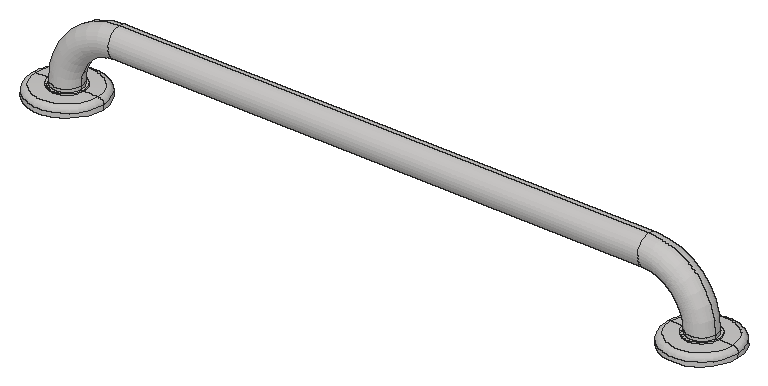
Revit family "687474SS CARE SUPPORT 700MM STR", category Plumbing Fixtures, host Face, Revit 2019
Family settings
  Host = Face
  Round Connector Dimension = Use Radius
  Part Type = Normal
  OmniClass Number = 23.40.20.21.47
  OmniClass Title = Bath Grab Bars
  Cut with Voids When Loaded = No
  Shared = No
  Room Calculation Point = No
Parameters (values of type "CARE SUPPORT 700MM STR")
  Waste Connection = no
  Vent Connection = no
  URL = "https://www.caroma.com.au/"
  Rail_Width = 700 mm
  Rail_Height = 73 mm
  Model = "687474SS"
  Material_Base = GWA_Metal-Stainless
  Manufacturer = "GWA Bathrooms & Kitchens"  # constant formula
  HW Connection = no
  Description = "CARE SUPPORT 700MM STR"
  Default Elevation = 0 mm
  CreatedBy_ANZRS = "GWA Bathrooms & Kitchens"  # constant formula
  CW Connection = no
  Assembly Code = "C1030200"
Reference planes
  plane 1 "Center (Front/Back)": y = 0
  plane 2: z = 0
  plane 3 "Center (Left/Right)": x = 0
  plane 4 "Left": x = -350
  plane 5 "Right": x = 350
  plane 6 "Rail_Centre": z = 73
Forms (mm)
  Revolve 1, solid, material "GWA_Metal-Stainless" <- "Material_Base"
    sketch origin (0, 0, 0) x (1, 0, 0) y (0, 0, 1)
      loop
        line (-368.08, 10.969) -> (-384.325, 10.361)
        arc (-384.325, 10.361) -> (-388.375, 8.578) -> (-390.114, 4.508) r 6.024
        line (-390.114, 4.508) -> (-390.2, 0) -> (-350, 0) -> (-350, 8) -> (-367.25, 8) -> (-367.25, 10.17)
        arc (-367.25, 10.17) -> (-367.495, 10.746) -> (-368.08, 10.969) r 0.8
      axis (-350, 10.969) -> (-350, 0)
    angle from 0 to 360
  Extrusion 2, solid, material "GWA_Metal-Stainless" <- "Material_Base"
    sketch origin (0, 0, 0) x (1, 0, 0) y (0, 1, 0)
      loop
        circle (-350, 0) r 19.2
      loop
        circle (-350, 0) r 16.4
    from 11 to 12
  Revolve 3, solid, material "GWA_Metal-Stainless" <- "Material_Base"
    sketch origin (700, 0, 0) x (1, 0, 0) y (0, 0, 1)
      loop
        line (-368.08, 10.969) -> (-384.325, 10.361)
        arc (-384.325, 10.361) -> (-388.375, 8.578) -> (-390.114, 4.508) r 6.024
        line (-390.114, 4.508) -> (-390.2, 0) -> (-350, 0) -> (-350, 8) -> (-367.25, 8) -> (-367.25, 10.17)
        arc (-367.25, 10.17) -> (-367.495, 10.746) -> (-368.08, 10.969) r 0.8
      axis (-350, 10.969) -> (-350, 0)
    angle from 0 to 360
  Extrusion 4, solid, material "GWA_Metal-Stainless" <- "Material_Base"
    sketch origin (700, 0, 0) x (1, 0, 0) y (0, 1, 0)
      loop
        circle (-350, 0) r 19.2
      loop
        circle (-350, 0) r 16.4
    from 11 to 12
  Sweep 5, solid, material "GWA_Metal-Stainless" <- "Material_Base"
    path origin (0, 0, 0) x (1, 0, 0) y (0, 0, 1)
      loop
        line (-350, 0) -> (-350, 15)
        arc (-350, 15) -> (-333.012, 56.012) -> (-292, 73) r 58
        line (-292, 73) -> (292, 73)
        arc (292, 73) -> (333.012, 56.012) -> (350, 15) r 58
        line (350, 15) -> (350, 0)
    profile origin (-350, 0, 7.5) x (-1, 0, 0) y (0, -1, 0)
      loop
        circle (0, 0) r 16
Lines and regions (mm)
  Masking region 1
    outline origin (0, 0, 40) x (-1, 0, 0) y (0, -1, 0)
      loop
        arc (313.121, -16) -> (390.2, 0) -> (313.121, 16) r 40.2
        line (313.121, 16) -> (-313.121, 16)
        arc (-313.121, 16) -> (-390.2, 0) -> (-313.121, -16) r 40.2
        line (-313.121, -16) -> (313.121, -16)
  Masking region 2
    outline origin (0, 0, 0) x (1, 0, 0) y (0, 0, 1)
      loop
        line (-366, 12) -> (-369.2, 12) -> (-369.2, 11) -> (-367.25, 11) -> (-384.326, 10.396)
        arc (-384.326, 10.396) -> (-388.391, 8.608) -> (-390.114, 4.514) r 6
        line (-390.114, 4.514) -> (-390.2, 0) -> (-309.8, 0) -> (-309.887, 4.514)
        arc (-309.887, 4.514) -> (-311.609, 8.608) -> (-315.674, 10.396) r 6
        line (-315.674, 10.396) -> (-332.75, 11) -> (-330.8, 11) -> (-330.8, 12) -> (-334, 12) -> (-334, 15)
        arc (-334, 15) -> (-321.698, 44.698) -> (-292, 57) r 42
        line (-292, 57) -> (292, 57)
        arc (292, 57) -> (321.698, 44.698) -> (334, 15) r 42
        line (334, 15) -> (334, 12) -> (330.8, 12) -> (330.8, 11) -> (332.75, 11) -> (315.674, 10.396)
        arc (315.674, 10.396) -> (311.609, 8.608) -> (309.886, 4.508) r 6
        line (309.886, 4.508) -> (309.8, 0) -> (390.2, 0) -> (390.113, 4.514)
        arc (390.113, 4.514) -> (388.391, 8.608) -> (384.326, 10.396) r 6
        line (384.326, 10.396) -> (367.25, 11) -> (369.2, 11) -> (369.2, 12) -> (366, 12) -> (366, 15)
        arc (366, 15) -> (344.326, 67.326) -> (292, 89) r 74
        line (292, 89) -> (-292, 89)
        arc (-292, 89) -> (-344.326, 67.326) -> (-366, 15) r 74
        line (-366, 15) -> (-366, 12)
  Masking region 3
    outline origin (0, 0, 0) x (0, 1, 0) y (0, 0, 1)
      loop
        line (16, 12) -> (16, 73)
        arc (16, 73) -> (0, 89) -> (-16, 73) r 16
        line (-16, 73) -> (-16, 12) -> (-19.2, 12) -> (-19.2, 11) -> (-17.25, 11) -> (-34.326, 10.396)
        arc (-34.326, 10.396) -> (-38.391, 8.608) -> (-40.113, 4.514) r 6
        line (-40.113, 4.514) -> (-40.2, 0) -> (40.2, 0) -> (40.114, 4.514)
        arc (40.114, 4.514) -> (38.391, 8.608) -> (34.326, 10.396) r 6
        line (34.326, 10.396) -> (17.25, 11) -> (19.2, 11) -> (19.2, 12) -> (16, 12)
  symbolic lines
    curve 1: arc (-313.121, 16, 40) -> (-390.2, 0, 40) -> (-313.121, -16, 40) r 40.2
    curve 2: arc (-339.387, 16, 40) -> (-369.2, 0, 40) -> (-339.387, -16, 40) r 19.2
    curve 3: arc (-346.4, -16, 40) -> (-366.4, 0, 40) -> (-346.4, 16, 40) r 16.4
    curve 4: arc (313.121, -16, 40) -> (390.2, 0, 40) -> (313.121, 16, 40) r 40.2
    curve 5: arc (339.387, -16, 40) -> (369.2, 0, 40) -> (339.387, 16, 40) r 19.2
    curve 6: arc (346.4, 16, 40) -> (366.4, 0, 40) -> (346.4, -16, 40) r 16.4
    curve 7: arc (350, -16, 40) -> (366, 0, 40) -> (350, 16, 40) r 16
    curve 8: arc (-350, 16, 40) -> (-366, 0, 40) -> (-350, -16, 40) r 16
    curve 9: line (-350, 16, 40) -> (350, 16, 40)
    curve 10: line (-350, -16, 40) -> (350, -16, 40)
    curve 11: line (-369.2, 0, 12) -> (-330.8, 0, 12)
    curve 12: line (-369.2, 0, 11) -> (-369.2, 0, 12)
    curve 13: line (-330.8, 0, 11) -> (-369.2, 0, 11)
    curve 14: line (-330.8, 0, 12) -> (-330.8, 0, 11)
    curve 15: line (-390.2, 0, 0) -> (-309.8, 0, 0)
    curve 16: line (-309.8, 0, 0) -> (-309.886, 0, 4.508)
    curve 17: arc (-384.326, 0, 10.396) -> (-388.391, 0, 8.608) -> (-390.113, 0, 4.514) r 6
    curve 18: line (-367.25, 0, 11) -> (-384.326, 0, 10.396)
    curve 19: line (-390.2, 0, 0) -> (-390.114, 0, 4.514)
    curve 20: arc (-315.674, 0, 10.396) -> (-311.609, 0, 8.608) -> (-309.887, 0, 4.514) r 6
    curve 21: line (-332.75, 0, 11) -> (-315.674, 0, 10.396)
    curve 22: line (369.2, 0, 12) -> (330.8, 0, 12)
    curve 23: line (369.2, 0, 11) -> (369.2, 0, 12)
    curve 24: line (330.8, 0, 11) -> (369.2, 0, 11)
    curve 25: line (330.8, 0, 12) -> (330.8, 0, 11)
    curve 26: line (390.2, 0, 0) -> (309.8, 0, 0)
    curve 27: line (309.8, 0, 0) -> (309.886, 0, 4.508)
    curve 28: arc (384.326, 0, 10.396) -> (388.391, 0, 8.608) -> (390.113, 0, 4.514) r 6
    curve 29: line (367.25, 0, 11) -> (384.326, 0, 10.396)
    curve 30: line (390.2, 0, 0) -> (390.114, 0, 4.514)
    curve 31: arc (315.674, 0, 10.396) -> (311.609, 0, 8.608) -> (309.887, 0, 4.514) r 6
    curve 32: line (332.75, 0, 11) -> (315.674, 0, 10.396)
    curve 33: arc (-366, 0, 15) -> (-344.326, 0, 67.326) -> (-292, 0, 89) r 74
    curve 34: arc (-334, 0, 15) -> (-321.698, 0, 44.698) -> (-292, 0, 57) r 42
    curve 35: arc (334, 0, 15) -> (321.698, 0, 44.698) -> (292, 0, 57) r 42
    curve 36: arc (366, 0, 15) -> (344.326, 0, 67.326) -> (292, 0, 89) r 74
    curve 37: line (366, 0, 12) -> (366, 0, 15)
    curve 38: line (334, 0, 12) -> (334, 0, 15)
    curve 39: line (-334, 0, 12) -> (-334, 0, 15)
    curve 40: line (-366, 0, 12) -> (-366, 0, 15)
    curve 41: line (0, -40.2, 0) -> (0, 40.2, 0)
    curve 42: line (0, 40.2, 0) -> (0, 40.114, 4.514)
    curve 43: line (0, -40.2, 0) -> (0, -40.114, 4.514)
    curve 44: arc (0, -34.326, 10.396) -> (0, -38.391, 8.608) -> (0, -40.113, 4.514) r 6
    curve 45: line (0, -17.25, 11) -> (0, -34.326, 10.396)
    curve 46: arc (0, 34.326, 10.396) -> (0, 38.391, 8.608) -> (0, 40.113, 4.514) r 6
    curve 47: line (0, 17.25, 11) -> (0, 34.326, 10.396)
    curve 48: line (0, -19.2, 12) -> (0, 19.2, 12)
    curve 49: line (0, -19.2, 11) -> (0, -19.2, 12)
    curve 50: line (0, 19.2, 11) -> (0, -19.2, 11)
    curve 51: line (0, 19.2, 12) -> (0, 19.2, 11)
    curve 52: arc (0, 16, 73) -> (0, 0, 89) -> (0, -16, 73) r 16
    curve 53: line (0, -16, 73) -> (0, -16, 12)
    curve 54: line (0, 16, 73) -> (0, 16, 12)
Dimensions and locks
  "Rail_Width": plane 4 "Left" to plane 5 "Right"
  equal spacing: plane 4 "Left", plane 3 "Center (Left/Right)", plane 5 "Right"
  "Rail_Height": plane 6 "Rail_Centre" to host face
  aligned and locked: plane 2 to host face
  aligned and locked: level to host face
Automatic sketch dimensions
  host sketch curve to host sketch curve = 2438.4 mm  (x2)
  Revolve 1 sketch curve to level = 0 mm  (x2)
  Revolve 1 sketch curve to plane 4 "Left" = 0 mm  (x2)
  Revolve 1 sketch curve to Revolve 1 sketch curve = 17.25 mm
  Revolve 1 sketch curve to Revolve 1 sketch curve = 0.8 mm
  Revolve 1 sketch curve to Revolve 1 sketch curve = 0.03 mm
  level to Revolve 1 sketch curve = 4.342 mm
  Revolve 1 sketch curve to Revolve 1 sketch curve = 16.043 mm
  level to Revolve 1 sketch curve = 10.361 mm
  Revolve 1 sketch curve to Revolve 1 sketch curve = 0.232 mm
  level to Revolve 1 sketch curve = 4.508 mm
  Revolve 1 sketch curve to Revolve 1 sketch curve = 0.086 mm
  level to Revolve 1 sketch curve = 8 mm
  Revolve 1 sketch curve to Revolve 1 sketch curve = 2.17 mm
  Revolve 1 sketch curve to level = 3.003 mm
  Extrusion 2 sketch curve to Extrusion 2 sketch curve = 0 mm  (x2)
  plane 1 "Center (Front/Back)" to Extrusion 2 sketch curve = 0 mm
  Extrusion 2 sketch curve to plane 4 "Left" = 0 mm
  Revolve 3 sketch curve to level = 0 mm  (x2)
  Revolve 3 sketch curve to plane 5 "Right" = 0 mm  (x2)
  Revolve 3 sketch curve to Revolve 3 sketch curve = 17.25 mm
  Revolve 3 sketch curve to Revolve 3 sketch curve = 0.8 mm
  Revolve 3 sketch curve to Revolve 3 sketch curve = 0.03 mm
  level to Revolve 3 sketch curve = 4.342 mm
  Revolve 3 sketch curve to Revolve 3 sketch curve = 16.043 mm
  level to Revolve 3 sketch curve = 10.361 mm
  Revolve 3 sketch curve to Revolve 3 sketch curve = 0.232 mm
  level to Revolve 3 sketch curve = 4.508 mm
  Revolve 3 sketch curve to Revolve 3 sketch curve = 0.086 mm
  level to Revolve 3 sketch curve = 8 mm
  Revolve 3 sketch curve to Revolve 3 sketch curve = 2.17 mm
  Revolve 3 sketch curve to level = 3.003 mm
  Extrusion 4 sketch curve to Extrusion 4 sketch curve = 0 mm  (x2)
  plane 1 "Center (Front/Back)" to Extrusion 4 sketch curve = 0 mm
  Extrusion 4 sketch curve to plane 5 "Right" = 0 mm
  Sweep 5 sketch curve to plane 4 "Left" = 0 mm
  Sweep 5 sketch curve to plane 6 "Rail_Centre" = 0 mm
  Sweep 5 sketch curve to plane 5 "Right" = 0 mm
  Sweep 5 sketch curve to level = 0 mm  (x2)
  plane 4 "Left" to Sweep 5 sketch curve = 58 mm
  Sweep 5 sketch curve to plane 5 "Right" = 58 mm
  plane 1 "Center (Front/Back)" to Sweep 5 sketch curve = 0 mm
  Sweep 5 sketch curve to profile plane = 0 mm
  curve 1 to curve 2 = 0 mm
  curve 1 to curve 3 = 0 mm  (x2)
  curve 1 to curve 8 = 0 mm  (x2)
  curve 2 to curve 3 = 0 mm
  curve 4 to curve 5 = 0 mm  (x2)
  curve 4 to curve 6 = 0 mm  (x2)
  curve 4 to curve 7 = 0 mm  (x2)
  curve 10 to plane 5 "Right" = 0 mm
  plane 1 "Center (Front/Back)" to curve 2 = 0 mm
  curve 2 to plane 4 "Left" = 0 mm
  curve 9 to plane 1 "Center (Front/Back)" = 16 mm
  curve 7 to curve 6 = 3.6 mm
  curve 6 to curve 5 = 7.013 mm
  curve 5 to curve 4 = 26.266 mm
  plane 4 "Left" to curve 1 = 36.879 mm
  plane 4 "Left" to curve 2 = 10.613 mm
  plane 4 "Left" to curve 3 = 3.6 mm
  plane 1 "Center (Front/Back)" to Masking region 1 sketch curve = 0 mm  (x2)
  Masking region 1 sketch curve to plane 4 "Left" = 0 mm
  plane 4 "Left" to Masking region 1 sketch curve = 36.879 mm
  Masking region 1 sketch curve to plane 5 "Right" = 36.879 mm
  Masking region 1 sketch curve to plane 5 "Right" = 0 mm
  Masking region 1 sketch curve to Masking region 1 sketch curve = 0 mm
  Masking region 1 sketch curve to plane 1 "Center (Front/Back)" = 16 mm
  curve 33 to curve 34 = 0 mm  (x2)
  curve 35 to curve 36 = 0 mm  (x2)
  curve 15 to level = 0 mm
  curve 27 to level = 0 mm
  level to curve 18 = 10.396 mm
  curve 15 to curve 18 = 5.874 mm
  curve 18 to curve 17 = 0.212 mm
  curve 17 to curve 12 = 15.126 mm
  curve 11 to curve 40 = 3.2 mm
  plane 4 "Left" to curve 39 = 16 mm
  curve 39 to curve 14 = 3.2 mm
  level to curve 20 = 4.4 mm
  curve 13 to curve 20 = 14.914 mm
  level to curve 21 = 10.396 mm
  curve 20 to curve 21 = 0.212 mm
  curve 20 to curve 15 = 6.086 mm
  level to curve 36 = 15 mm
  level to curve 32 = 10.396 mm
  curve 26 to curve 32 = 5.874 mm
  curve 32 to curve 31 = 0.212 mm
  curve 32 to curve 25 = 15.126 mm
  curve 22 to curve 38 = 3.2 mm
  plane 5 "Right" to curve 37 = 16 mm
  curve 37 to curve 22 = 3.2 mm
  level to curve 28 = 4.4 mm
  curve 23 to curve 28 = 14.914 mm
  level to curve 29 = 10.396 mm
  curve 28 to curve 29 = 0.212 mm
  curve 28 to curve 30 = 6.086 mm
  level to curve 31 = 4.4 mm
  level to curve 17 = 4.4 mm
  curve 24 to curve 35 = 4 mm
  level to curve 12 = 11 mm
  curve 12 to curve 11 = 1 mm
  curve 24 to curve 22 = 1 mm
  curve 40 to curve 40 = 3 mm
  level to curve 19 = 4.514 mm
  curve 15 to curve 19 = 0.086 mm
  curve 19 to curve 17 = 0.001 mm
  curve 18 to curve 40 = 1.25 mm
  curve 39 to curve 21 = 1.25 mm
  level to curve 20 = 4.514 mm
  level to curve 16 = 4.508 mm
  curve 20 to curve 16 = 0.001 mm
  level to curve 27 = 4.508 mm
  curve 26 to curve 27 = 0.086 mm
  curve 27 to curve 31 = 0.001 mm
  curve 32 to curve 38 = 1.25 mm
  curve 37 to curve 29 = 1.25 mm
  level to curve 28 = 4.514 mm
  level to curve 30 = 4.514 mm
  curve 28 to curve 30 = 0.001 mm
  Masking region 2 sketch curve to plane 4 "Left" = 16 mm
  plane 6 "Rail_Centre" to Masking region 2 sketch curve = 16 mm
  plane 4 "Left" to Masking region 2 sketch curve = 58 mm
  level to Masking region 2 sketch curve = 15 mm
  Masking region 2 sketch curve to Masking region 2 sketch curve = 3 mm  (x2)
  Masking region 2 sketch curve to Masking region 2 sketch curve = 0 mm  (x4)
  Masking region 2 sketch curve to Masking region 2 sketch curve = 3.2 mm  (x4)
  Masking region 2 sketch curve to Masking region 2 sketch curve = 1 mm  (x4)
  level to Masking region 2 sketch curve = 10.396 mm  (x4)
  Masking region 2 sketch curve to Masking region 2 sketch curve = 15.126 mm
  Masking region 2 sketch curve to Masking region 2 sketch curve = 0.212 mm  (x4)
  level to Masking region 2 sketch curve = 4.4 mm  (x4)
  level to Masking region 2 sketch curve = 4.514 mm  (x4)
  Masking region 2 sketch curve to Masking region 2 sketch curve = 1.25 mm  (x4)
  Masking region 2 sketch curve to level = 0 mm  (x2)
  Masking region 2 sketch curve to Masking region 2 sketch curve = 0.087 mm  (x2)
  Masking region 2 sketch curve to Masking region 2 sketch curve = 21 mm
  level to Masking region 2 sketch curve = 4.508 mm  (x2)
  Masking region 2 sketch curve to Masking region 2 sketch curve = 0.001 mm  (x4)
  Masking region 2 sketch curve to Masking region 2 sketch curve = 0.086 mm  (x2)
  Masking region 2 sketch curve to Masking region 2 sketch curve = 6 mm  (x2)
  Masking region 2 sketch curve to Masking region 2 sketch curve = 14.914 mm
  Masking region 2 sketch curve to Masking region 2 sketch curve = 17.8 mm
  plane 4 "Left" to Masking region 2 sketch curve = 16 mm
  Masking region 2 sketch curve to Masking region 2 sketch curve = 4 mm  (x2)
  Masking region 2 sketch curve to plane 5 "Right" = 16 mm
  curve 40 to plane 4 "Left" = 16 mm
  curve 20 to curve 34 = 17.887 mm
  curve 35 to plane 5 "Right" = 58 mm
  curve 35 to curve 26 = 17.8 mm
  curve 41 to level = 0 mm
  curve 52 to plane 1 "Center (Front/Back)" = 0 mm
  curve 54 to plane 6 "Rail_Centre" = 0 mm
  level to curve 44 = 4.4 mm
  curve 44 to curve 49 = 14.914 mm
  curve 43 to curve 44 = 6.086 mm
  level to curve 46 = 4.4 mm
  curve 50 to curve 46 = 14.914 mm
  curve 46 to curve 41 = 6.086 mm
  curve 45 to curve 44 = 0.212 mm
  level to curve 43 = 4.514 mm
  curve 41 to curve 43 = 0.086 mm
  curve 52 to plane 1 "Center (Front/Back)" = 16 mm
  curve 46 to curve 47 = 0.212 mm
  level to curve 42 = 4.514 mm
  curve 42 to curve 41 = 0.086 mm
  curve 49 to curve 45 = 1.95 mm
  curve 47 to plane 1 "Center (Front/Back)" = 17.25 mm
  curve 47 to curve 48 = 1.95 mm
  level to curve 47 = 11 mm
  curve 49 to curve 48 = 1 mm
  curve 45 to curve 53 = 1.25 mm
  curve 44 to curve 45 = 5.787 mm
  curve 44 to curve 45 = 5.882 mm
  curve 46 to curve 46 = 5.999 mm
  curve 46 to curve 46 = 0.114 mm
  Masking region 3 sketch curve to plane 6 "Rail_Centre" = 0 mm
  Masking region 3 sketch curve to plane 1 "Center (Front/Back)" = 0 mm
  Masking region 3 sketch curve to Masking region 3 sketch curve = 3.2 mm  (x2)
  Masking region 3 sketch curve to Masking region 3 sketch curve = 1 mm  (x2)
  level to Masking region 3 sketch curve = 4.4 mm  (x2)
  Masking region 3 sketch curve to Masking region 3 sketch curve = 14.914 mm  (x2)
  level to Masking region 3 sketch curve = 10.396 mm  (x2)
  Masking region 3 sketch curve to Masking region 3 sketch curve = 0.212 mm  (x2)
  Masking region 3 sketch curve to Masking region 3 sketch curve = 1.25 mm  (x2)
  level to Masking region 3 sketch curve = 4.514 mm  (x4)
  Masking region 3 sketch curve to level = 0 mm
  Masking region 3 sketch curve to Masking region 3 sketch curve = 0.087 mm  (x2)
  Masking region 3 sketch curve to Masking region 3 sketch curve = 0.001 mm  (x2)
  Masking region 3 sketch curve to plane 1 "Center (Front/Back)" = 16 mm
  level to Masking region 3 sketch curve = 11 mm  (x2)
  radius of Extrusion 2 sketch curve = 19.2 mm
  radius of Extrusion 2 sketch curve = 16.4 mm
  radius of Extrusion 4 sketch curve = 19.2 mm
  radius of Extrusion 4 sketch curve = 16.4 mm
  radius of Sweep 5 sketch curve = 16 mm
